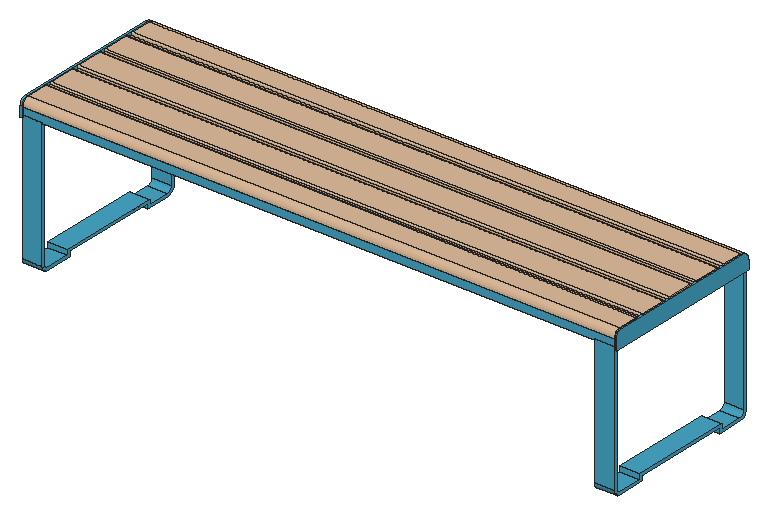
Revit family "product code 61208-S-L", category Meble, Revit 2021
Family settings
  Numer OmniClass = 23.40.20.00
  Tytuł OmniClass = General Furniture and Specialties
  Oparty na płaszczyźnie roboczej = Nie
  Zawsze pionowo = Tak
  Tnij formami wycięć po wczytaniu = Nie
  Współdzielony = Nie
  Punkt obliczania pomieszczeń = Nie
Parameters (values of type "61208-S-L")
  wood = Kobenhagen Wood - Larch
  metal = Kobenhagen RAL 5012
  Width = "50 cm"
  Weight = "40 kg"
  URL = "https://kobenhagen.com/en_US/p/Frederiksberg-4-person-Bench-wo-Backrest/141"
  Product line = "Indre By"
  Product Groups = "Benches"
  Producent = "Lars Laj"
  Keynote = ""
  Opis = "Frederiksberg 4-person Bench w/o Backrest"
  Model = "61208-S-L"
  Material = "Larch, stainless steel, powder coated steel"
  Maintenance = "We recommend to examine and tighten all screws and bolt clamps after a few weeks’ use. In order to prevent cracks and to extend the life of the wood, it is recommended that the wood details should be oiled every 3-5 years."
  Lenght = "180 cm"
  Type Comments = ""
  Kobenhagen Materials = "larslaj.com/bim"
  Hosted on larslaj.com = "https://larslaj.com/bim"
  Height = "45 cm"
  Domyślna rzędna = 0 mm
  Copyright = "All designs and drawings are the intellectual property of Lars Laj A/S and are protected by Danish and international copyright laws."
Reference planes
  plane 1 "front": y = 0
  plane 2: z = 0
  plane 3 "Środek (Lewa/Prawa)": x = 0
  plane 4 "left": x = -895
  plane 5 "right": x = 895
  plane 6 "back": y = 575.242
  plane 7: x = -835
  plane 8: x = 835
  plane 9: x = -287.083
  plane 10: x = 285.833
Forms (mm)
  Extrusion 1, solid, material "Kobenhagen Wood - Larch" <- "wood"
    sketch origin (0, -0.031, 21.46) x (0, 1, 0) y (0, 0, 1)
      loop
        arc (260.118, 430.04) -> (256.583, 428.576) -> (255.118, 425.04) r 5
        line (255.118, 425.04) -> (255.118, 388.972)
        arc (255.118, 388.972) -> (255.693, 387.586) -> (257.078, 387.012) r 1.96
        line (257.078, 387.012) -> (342.493, 387.012)
        arc (342.493, 387.012) -> (343.908, 387.598) -> (344.493, 389.012) r 2
        line (344.493, 389.012) -> (344.493, 425.04)
        arc (344.493, 425.04) -> (343.029, 428.576) -> (339.493, 430.04) r 5
        line (339.493, 430.04) -> (260.118, 430.04)
    from -895 to 895
  Extrusion 2, solid, material "Kobenhagen Wood - Larch" <- "wood"
    sketch origin (0, -102.48, 21.46) x (0, 1, 0) y (0, 0, 1)
      loop
        arc (260.118, 430.04) -> (256.583, 428.576) -> (255.118, 425.04) r 5
        line (255.118, 425.04) -> (255.118, 388.972)
        arc (255.118, 388.972) -> (255.693, 387.586) -> (257.078, 387.012) r 1.96
        line (257.078, 387.012) -> (342.493, 387.012)
        arc (342.493, 387.012) -> (343.908, 387.598) -> (344.493, 389.012) r 2
        line (344.493, 389.012) -> (344.493, 425.04)
        arc (344.493, 425.04) -> (343.029, 428.576) -> (339.493, 430.04) r 5
        line (339.493, 430.04) -> (260.118, 430.04)
    from -895 to 895
  Extrusion 3, solid, material "Kobenhagen Wood - Larch" <- "wood"
    sketch origin (0, -204.668, 21.46) x (0, 1, 0) y (0, 0, 1)
      loop
        arc (275.801, 430.04) -> (261.497, 424.045) -> (255.743, 409.642) r 20.061
        line (255.743, 409.642) -> (258.916, 409.642) -> (258.916, 387.013) -> (343.118, 387.013)
        arc (343.118, 387.013) -> (344.532, 387.598) -> (345.117, 389.012) r 1.999
        line (345.117, 389.012) -> (345.117, 425.043)
        arc (345.117, 425.043) -> (343.653, 428.577) -> (340.119, 430.04) r 4.998
        line (340.119, 430.04) -> (275.801, 430.04)
    from -895 to 895
  Extrusion 4, solid, material "Kobenhagen Wood - Larch" <- "wood"
    sketch origin (0, 102.52, 22.625) x (0, 1, 0) y (0, 0, 1)
      loop
        arc (260.118, 428.875) -> (256.583, 427.411) -> (255.118, 423.875) r 5
        line (255.118, 423.875) -> (255.118, 387.807)
        arc (255.118, 387.807) -> (255.693, 386.421) -> (257.078, 385.847) r 1.96
        line (257.078, 385.847) -> (342.493, 385.847)
        arc (342.493, 385.847) -> (343.908, 386.433) -> (344.493, 387.847) r 2
        line (344.493, 387.847) -> (344.493, 423.875)
        arc (344.493, 423.875) -> (343.029, 427.411) -> (339.493, 428.875) r 5
        line (339.493, 428.875) -> (260.118, 428.875)
    from -895 to 895
  Extrusion 5, solid, material "Kobenhagen RAL 5012" <- "metal", not visible
    sketch origin (0, 0, 0) x (0, 1, 0) y (0, 0, 1)
      loop
        arc (71.187, 451.5) -> (57.045, 445.642) -> (51.187, 431.5) r 20
        line (51.187, 431.5) -> (51.187, 18.231)
        arc (51.187, 18.231) -> (56.527, 5.34) -> (69.418, 0) r 18.231
        line (69.418, 0) -> (153.638, 0) -> (153.638, 15) -> (448.638, 15) -> (448.638, 0) -> (527.023, 0)
        arc (527.023, 0) -> (542.307, 6.331) -> (548.638, 21.615) r 21.615
        line (548.638, 21.615) -> (548.638, 429.407)
        arc (548.638, 429.407) -> (542.168, 445.029) -> (526.545, 451.5) r 22.093
        line (526.545, 451.5) -> (71.187, 451.5)
    from 750.378 to 745
  Extrusion 6, solid, material "Kobenhagen RAL 5012" <- "metal", not visible
    sketch origin (0, 0, 0) x (0, 1, 0) y (0, 0, 1)
      loop
        line (548.638, 396.844) -> (629.375, 854.725) -> (601.836, 859.581)
        arc (601.836, 859.581) -> (585.224, 855.898) -> (576.082, 841.547) r 22.232
        line (576.082, 841.547) -> (507.306, 451.5) -> (526.545, 451.5)
        arc (526.545, 451.5) -> (542.168, 445.029) -> (548.638, 429.407) r 22.093
        line (548.638, 429.407) -> (548.638, 396.844)
    from 745 to 750.378
  Extrusion 7, solid, material "Kobenhagen RAL 5012" <- "metal"
    sketch origin (0, 0, 0) x (0, -1, 0) y (0, 0, 1)
      loop
        line (-71.187, 451.5) -> (-526.545, 451.5)
        arc (-526.545, 451.5) -> (-542.168, 445.029) -> (-548.638, 429.407) r 22.093
        line (-548.638, 429.407) -> (-548.638, 400.262) -> (-51.187, 400.262) -> (-51.187, 431.5)
        arc (-51.187, 431.5) -> (-57.045, 445.642) -> (-71.187, 451.5) r 20
    from 901.303 to 895
  Extrusion 8, solid, material "Kobenhagen RAL 5012" <- "metal"
    sketch origin (0, 0, 0) x (0, 1, 0) y (0, 0, 1)
      loop
        line (548.638, 23.296) -> (548.638, 408.472) -> (51.187, 408.472) -> (51.187, 18.763)
        arc (51.187, 18.763) -> (56.683, 5.495) -> (69.95, 0) r 18.763
        line (69.95, 0) -> (153.638, 0) -> (153.638, 15) -> (448.638, 15) -> (448.638, 0) -> (525.342, 0)
        arc (525.342, 0) -> (541.815, 6.823) -> (548.638, 23.296) r 23.296
      loop
        line (58.687, 400.262) -> (58.687, 18.763)
        arc (58.687, 18.763) -> (61.986, 10.799) -> (69.95, 7.5) r 11.263
        line (69.95, 7.5) -> (146.138, 7.5) -> (146.138, 22.5) -> (456.138, 22.5) -> (456.138, 7.5) -> (525.342, 7.5)
        arc (525.342, 7.5) -> (536.512, 12.127) -> (541.138, 23.296) r 15.796
        line (541.138, 23.296) -> (541.138, 400.262) -> (58.687, 400.262)
    from -895 to -835
  Extrusion 9, solid, material "Kobenhagen RAL 5012" <- "metal"
    sketch origin (0, 0, 0) x (0, 1, 0) y (0, 0, 1)
      loop
        line (527.02, 408.472) -> (72.53, 408.472) -> (72.53, 405.57) -> (527.02, 405.57) -> (527.02, 408.472)
    from -257.095 to -316.866
  Extrusion 10, solid, material "Kobenhagen RAL 5012" <- "metal"
    sketch origin (0, 0, 0) x (0, 1, 0) y (0, 0, -1)
      loop
        line (527.02, -408.472) -> (527.02, -405.57) -> (72.53, -405.57) -> (72.53, -408.472) -> (527.02, -408.472)
    from -255.616 to -315.616
  Extrusion 11, solid, material "Kobenhagen RAL 5012" <- "metal"
    sketch origin (0, 0, 0) x (0, 1, 0) y (0, 0, 1)
      loop
        line (53.936, 431.102) -> (51.187, 431.102) -> (51.187, 405.57) -> (72.53, 405.57) -> (72.53, 408.472) -> (53.936, 408.472) -> (53.936, 431.102)
    from -895 to 895
  Extrusion 12, solid, material "Kobenhagen Wood - Larch" <- "wood"
    sketch origin (0, 804.004, 21.46) x (0, -1, 0) y (0, 0, -1)
      loop
        line (275.801, -430.04) -> (340.119, -430.04)
        arc (340.119, -430.04) -> (343.653, -428.577) -> (345.117, -425.043) r 4.998
        line (345.117, -425.043) -> (345.117, -389.012)
        arc (345.117, -389.012) -> (344.532, -387.598) -> (343.118, -387.013) r 1.999
        line (343.118, -387.013) -> (258.705, -387.013) -> (258.705, -409.642) -> (255.743, -409.642)
        arc (255.743, -409.642) -> (261.497, -424.045) -> (275.801, -430.04) r 20.061
    from -895 to 895
  Extrusion 13, solid, material "Kobenhagen RAL 5012" <- "metal"
    sketch origin (0, 0, 0) x (0, 1, 0) y (0, 0, -1)
      loop
        arc (548.638, -23.296) -> (541.815, -6.823) -> (525.342, 0) r 23.296
        line (525.342, 0) -> (448.638, 0) -> (448.638, -15) -> (153.638, -15) -> (153.638, 0) -> (69.95, 0)
        arc (69.95, 0) -> (56.683, -5.495) -> (51.187, -18.763) r 18.763
        line (51.187, -18.763) -> (51.187, -408.472) -> (548.638, -408.472) -> (548.638, -23.296)
      loop
        line (58.687, -400.262) -> (541.138, -400.262) -> (541.138, -23.296)
        arc (541.138, -23.296) -> (536.512, -12.127) -> (525.342, -7.5) r 15.796
        line (525.342, -7.5) -> (456.138, -7.5) -> (456.138, -22.5) -> (146.138, -22.5) -> (146.138, -7.5) -> (69.95, -7.5)
        arc (69.95, -7.5) -> (61.986, -10.799) -> (58.687, -18.763) r 11.263
        line (58.687, -18.763) -> (58.687, -400.262)
    from -895 to -835
  Extrusion 14, solid, material "Kobenhagen RAL 5012" <- "metal"
    sketch origin (0, 599.551, 0) x (0, -1, 0) y (0, 0, -1)
      loop
        line (53.936, -431.102) -> (53.936, -408.472) -> (72.53, -408.472) -> (72.53, -405.57) -> (51.187, -405.57) -> (51.187, -431.102) -> (53.936, -431.102)
    from -895 to 895
  Extrusion 15, solid, material "Kobenhagen RAL 5012" <- "metal"
    sketch origin (0, 0, 0) x (0, -1, 0) y (0, 0, -1)
      loop
        arc (-71.187, -451.5) -> (-57.045, -445.642) -> (-51.187, -431.5) r 20
        line (-51.187, -431.5) -> (-51.187, -400.262) -> (-548.638, -400.262) -> (-548.638, -429.407)
        arc (-548.638, -429.407) -> (-542.168, -445.029) -> (-526.545, -451.5) r 22.093
        line (-526.545, -451.5) -> (-71.187, -451.5)
    from 901.303 to 895
Dimensions and locks
  Extrusion 1 sketch curve to Extrusion 1 sketch curve = 89.375 mm
  Extrusion 1 sketch curve to Extrusion 1 sketch curve = 43.028 mm
  Extrusion 2 sketch curve to Extrusion 2 sketch curve = 89.375 mm
  Extrusion 2 sketch curve to Extrusion 2 sketch curve = 43.028 mm
  Extrusion 3 sketch curve to Extrusion 3 sketch curve = 43.028 mm
  Extrusion 4 sketch curve to Extrusion 4 sketch curve = 89.375 mm
  Extrusion 4 sketch curve to Extrusion 4 sketch curve = 43.028 mm
  Extrusion 12 sketch curve to Extrusion 12 sketch curve = 43.028 mm
  aligned and locked: level to plane 2
  aligned and locked: plane 5 "right" to Extrusion 1
  aligned and locked: Extrusion 1 to plane 4 "left"
  aligned and locked: plane 5 "right" to Extrusion 4
  aligned and locked: plane 5 "right" to Extrusion 2
  aligned and locked: plane 5 "right" to Extrusion 3
  aligned and locked: Extrusion 4 to plane 4 "left"
  aligned and locked: Extrusion 2 to plane 4 "left"
  aligned and locked: Extrusion 3 to plane 4 "left"
  aligned and locked: plane 4 "left" to Extrusion 7
  aligned and locked: Extrusion 8 to plane 4 "left"
  aligned and locked: plane 7 to Extrusion 8
  aligned and locked: Extrusion 11 to plane 4 "left"
  aligned and locked: plane 5 "right" to Extrusion 11
